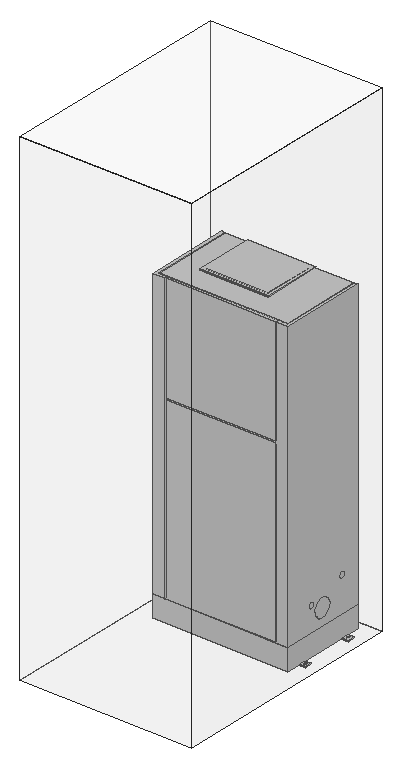
Revit family "pfav-p167_1600dmj1-f_50Hz", category 機械設備, Revit 2019
Family settings
  丸型コネクタ寸法 = 直径を使用
  パーツ タイプ = 標準
  OmniClass 番号 = 23.75.10.24.21.27.27
  OmniClass タイトル = Split System Air Conditioning Units
  作業面ベース = いいえ
  常に垂直 = はい
  ロード時にボイドで切り取り = いいえ
  共有 = いいえ
  部屋計算ポイント = いいえ
Parameters (values of type "PFAV-P167DMJ1-F")
  風量（m3／min） = 20
  風量 = MAX風量  # 1200.0 m³/h
  音響パワーレベル(dB) = 61
  電源種別 = ""
  電圧_電気ヒーター = 0 V
  電圧 = 200 V
  電動機出力_送風機 = 1200 W
  電動機出力_圧縮機 = 0 W
  運転質量 = 0.00 kg
  連動 = ""
  質量 = if(製品質量 > 運転質量, 製品質量, 運転質量) * 1.2  # 147.60 kg
  負荷分類 = 3_ファン類
  説明 = "設備用パッケージエアコン 空冷床置形・冷暖兼用 ファシレアＤＤオールフレッシュシリーズ"
  設計暖房能力 [instance] = 0 kW
  設計冷房能力_顕熱 [instance] = 0 kW
  設計冷房能力 [instance] = 0 kW
  設置方法 = "床置形"
  記号 [instance] = ""
  製造元 = "三菱電機株式会社"
  製品質量 = 123.00 kg
  製品出荷対象 = "国内"
  製品リリース年月 = "2017年4月18日"
  製品グループ = ""
  系統 [instance] = ""
  符号 = "PAC-FRV(J)"
  積算_科目 = "1 空気調和設備"
  積算_拾い区分 [instance] = ""
  相_電気ヒーター = 1
  相 = 3
  盤記号 [instance] = ""
  発停方法 = ""
  特殊仕様 [instance] = ""
  火災停止 = ""
  消費電力_電気ヒーター = 0 W
  消費電力_暖房 = 80 W
  消費電力_加湿器 = 0 W
  消費電力_冷房 = 80 W
  消費電力 = if(消費電力_冷房 > 消費電力_暖房, 消費電力_冷房, 消費電力_暖房) + 消費電力_加湿器 + 消費電力_電気ヒーター  # 80 W
  法定耐用年数 = "15"
  機械基礎質量 [instance] = 0.00 kg
  機械基礎_W = 0.00 mm
  機械基礎_H = 0.00 mm
  機械基礎_D = 0.00 mm
  機械基礎 [instance] = yes
  機外静圧 = 30.0 Pa
  極数 = 3
  材質 [instance] = ""
  本体マテリアル = none
  有効加湿量 = 0
  最小電線太さ_mm2 = 1.6
  最大電流値 = 5 A
  暖房能力 = 12.5 kW
  推奨ブレーカー容量 = 15 A
  形式_加湿器 = ""
  形式 = "床置（露出）立形"
  形名 = PFAV-P-DMJ-F : PFAV-P167DMJ1-F
  幹線記号 [instance] = ""
  始動方式 = "直入"
  呼称 = "パッケージ形空気調和機_室内機"
  周波数 = 50 Hz
  台数_手元リモコン [instance] = ""
  台数_冷媒分岐ユニット [instance] = ""
  参照している仕様書等のバージョン = "公共建築工事標準仕様書（機械設備工事編）平成31年度版"
  加湿給水管径 = 27.00 mm
  分類コード = "50053003083040"
  分類グループ = ""
  冷房能力 = 14 kW
  冷媒高低圧ガス管径 = 0.00 mm
  冷媒管径符号 = "Bd"
  冷媒管径 = 100.00 mm
  冷媒液管径 = 9.52 mm
  冷媒ガス管径 = 15.88 mm
  価格 = 0
  企業コード = "108420"
  付属品_フィルター = ""
  付属品 [instance] = ""
  仕様書バージョン = "Version1.0"
  モデル = "PFAV-P167DMJ1-F"
  ドレン管径 = 34.00 mm
  ダクト高_OA = 406 mm
  ダクト高 = 334 mm
  ダクト幅_OA = 668 mm
  ダクト幅 = 383 mm
  サービススペース = yes
  コメント [instance] = ""
  Keynote = ""
  Width = 760.00 mm
  Version = ""
  Uniclass2015Version = "Systems v1.9"
  Uniclass2015Title = "Split coil remote air cooled condensing units"
  Uniclass2015Code = "Pr_70_65_03_84"
  URL = "https://www.mitsubishielectric.co.jp/ldg/wink/ssl/displayProduct.do?pid=278596"
  S寸法 = 150.00 mm
  SpecificationReference = ""
  SpecificationDescription = ""
  Revision = ""
  ProductInformation = ""
  OmniClassCode = "23-33 17 13 11"
  OAダクト位置_縦 = 120.00 mm
  OAダクト位置_横 = 46.00 mm
  MAX風量 = 風量（m3／min） * 60.0 m³/h  # 1200.0 m³/h
  IfcTypeProduct = ""
  IfcProduct = ""
  IfcExportType = "AIRCONDITIONINGUNIT"
  IfcExportAs = "IfcUnitaryEquipmentType"
  Height = 1730.00 mm
  Depth = 485.00 mm
  Clearance Top = 1000.00 mm
  Clearance Right = 100.00 mm
  Clearance Left = 100.00 mm
  Clearance Front = 800.00 mm
  Clearance Back = 50.00 mm
  COP = 0
  Author = "三菱電機株式会社"
  APF = 4.7
Types (8, lengths in mm): name | 風量（m3／min） | 風量 | 音響パワーレベル(dB) | 電動機出力_送風機 | 質量 | 製品質量 | 消費電力_暖房 | 消費電力_冷房 | 消費電力 | 機外静圧 | 最小電線太さ_mm2 | 最大電流値 | 暖房能力 | 推奨ブレーカー容量 | 形名 | 冷房能力 | 冷媒管径符号 | 冷媒液管径 | 冷媒ガス管径 | モデル | ドレン管径 | ダクト高_OA | ダクト高 | ダクト幅_OA | ダクト幅 | Width | URL | OAダクト位置_縦 | OAダクト位置_横 | MAX風量 | Height | Depth | Clearance Left | Clearance Front | Clearance Back | APF
  PFAV-P167DMJ1-F | 20 | 1200.0 m³/h | 61 | 1200 W | 147.60 kg | 123.00 kg | 80 W | 80 W | 80 W | 30.0 Pa | 1.6 | 5 A | 12.5 kW | 15 A | PFAV-P-DMJ-F : PFAV-P167DMJ1-F | 14 kW | "Bd" | 9.52 | 15.88 | "PFAV-P167DMJ1-F" | 34.00 | 406 | 334 | 668 | 383 | 760.00 | "https://www.mitsubishielectric.co.jp/ldg/wink/ssl/displayProduct.do?pid=278596" | 120.00 | 46.00 | 1200.0 m³/h | 1730.00 | 485.00 | 100.00 | 800.00 | 50.00 | 4.7
  PFAV-P530DMJ1-F | 70 | 4200.0 m³/h | 76 | 3000 W | 248.40 kg | 207.00 kg | 680 W | 680 W | 680 W | 110.0 Pa | 1.6 | 8.8 A | 45 kW | 15 A | PFAV-P-DMJ-F : PFAV-P530DMJ1-F | 53 kW | "Ch" | 12.70 | 28.58 | "PFAV-P530DMJ1-F" | 34.00 | 605 | 489 | 1126 | 1046 | 1200.00 | "https://www.mitsubishielectric.co.jp/ldg/wink/ssl/displayProduct.do?pid=278599" | 553.00 | 37.00 | 4200.0 m³/h | 1897.00 | 635.00 | 100.00 | 800.00 | 50.00 | 5
  PFAV-P670DMJ1-F | 90 | 5400.0 m³/h | 75 | 3000 W | 248.40 kg | 207.00 kg | 1400 W | 1400 W | 1400 W | 110.0 Pa | 1.6 | 8.8 A | 63 kW | 15 A | PFAV-P-DMJ-F : PFAV-P670DMJ1-F | 63 kW | "Ei" | 19.05 | 31.75 | "PFAV-P670DMJ1-F" | 34.00 | 605 | 489 | 1126 | 1046 | 1200.00 | "https://www.mitsubishielectric.co.jp/ldg/wink/ssl/displayProduct.do?pid=278600" | 553.00 | 37.00 | 5400.0 m³/h | 1897.00 | 635.00 | 100.00 | 800.00 | 50.00 | 0
  PFAV-P265DMJ1-F | 35 | 2100.0 m³/h | 68 | 1200 W | 165.60 kg | 138.00 kg | 300 W | 300 W | 300 W | 50.0 Pa | 1.6 | 5.8 A | 20 kW | 15 A | PFAV-P-DMJ-F : PFAV-P265DMJ1-F | 22.4 kW | "Be" | 9.52 | 19.05 | "PFAV-P265DMJ1-F" | 34.00 | 407 | 334 | 888 | 715 | 980.00 | "https://www.mitsubishielectric.co.jp/ldg/wink/ssl/displayProduct.do?pid=278597" | 120.00 | 46.00 | 2100.0 m³/h | 1730.00 | 485.00 | 100.00 | 800.00 | 50.00 | 5.1
  PFAV-P335DMJ1-F | 65 | 3900.0 m³/h | 68 | 1200 W | 170.40 kg | 142.00 kg | 390 W | 390 W | 390 W | 80.0 Pa | 1.6 | 5.8 A | 26.5 kW | 15 A | PFAV-P-DMJ-F : PFAV-P335DMJ1-F | 28 kW | "Bf" | 9.52 | 22.20 | "PFAV-P335DMJ1-F" | 34.00 | 407 | 334 | 888 | 715 | 980.00 | "https://www.mitsubishielectric.co.jp/ldg/wink/ssl/displayProduct.do?pid=278598" | 120.00 | 46.00 | 3900.0 m³/h | 1730.00 | 485.00 | 100.00 | 800.00 | 50.00 | 5
  PFAV-P1000DMJ1-F | 120 | 7200.0 m³/h | 78 | 7500 W | 508.80 kg | 424.00 kg | 1290 W | 1290 W | 1290 W | 190.0 Pa | 2 | 19.3 A | 71 kW | 40 A | PFAV-P-DMJ-F : PFAV-P1000DMJ1-F | 80 kW | "Ei" | 19.10 | 31.80 | "PFAV-P1000DMJ1-F" | 42.70 | 1632 | 416 | 1547 | 554 | 1750.00 | "https://www.mitsubishielectric.co.jp/ldg/wink/ssl/displayProduct.do?pid=278601" | 161.00 | 177.00 | 7200.0 m³/h | 1830.00 | 1064.00 | 750.00 | 800.00 | 400.00 | 0
  PFAV-P1250DMJ1-F | 150 | 9000.0 m³/h | 77 | 7500 W | 529.20 kg | 441.00 kg | 1460 W | 1460 W | 1460 W | 245.0 Pa | 5.5 | 21 A | 90 kW | 40 A | PFAV-P-DMJ-F : PFAV-P1250DMJ1-F | 112 kW | "Ek" | 19.10 | 38.10 | "PFAV-P1250DMJ1-F" | 42.70 | 1632 | 416 | 1547 | 554 | 1750.00 | "https://www.mitsubishielectric.co.jp/ldg/wink/ssl/displayProduct.do?pid=278615" | 161.00 | 177.00 | 9000.0 m³/h | 1830.00 | 1064.00 | 750.00 | 800.00 | 400.00 | 0
  PFAV-P1600DMJ1-F | 200 | 12000.0 m³/h | 82 | 7500 W | 604.80 kg | 504.00 kg | 2010 W | 2010 W | 2010 W | 235.0 Pa | 5.5 | 21 A | 160 kW | 40 A | PFAV-P-DMJ-F : PFAV-P1600DMJ1-F | 140 kW | "Ek" | 19.10 | 38.10 | "PFAV-P1600DMJ1-F" | 42.70 | 1632 | 416 | 1842 | 554 | 2045.00 | "https://www.mitsubishielectric.co.jp/ldg/wink/ssl/displayProduct.do?pid=278591" | 161.00 | 177.00 | 12000.0 m³/h | 1830.00 | 1064.00 | 750.00 | 850.00 | 400.00 | 0
Reference planes
  plane 1: z = 0
  plane 2: z = 1730
  plane 3: z = 0
  plane 4: z = 2730
  plane 5 "中心(正面/背面)": y = -242.5
  plane 6 "中心(左/右)": x = 0
  plane 7 "左": x = -380
  plane 8 "右": x = 380
  plane 9 "正面": y = -485
  plane 10 "背面": y = 0
  plane 11: y = 150
  plane 12: x = -530
  plane 13: y = -635
  plane 14: y = 50
  plane 15: y = -1285
  plane 16: x = -480
  plane 17: x = 480
  plane 18: x = 530
Dimensions and locks
  "Height": plane 2 to plane 3
  "Clearance Top": plane 4 to plane 2
  equal spacing: plane 7 "左", plane 6 "中心(左/右)", plane 8 "右"
  "Width": plane 7 "左" to plane 8 "右"
  equal spacing: plane 9 "正面", plane 5 "中心(正面/背面)", plane 10 "背面"
  "Depth": plane 9 "正面" to plane 10 "背面"
  "S寸法": plane 10 "背面" to plane 11
  "S寸法": plane 13 to plane 9 "正面"
  "S寸法": plane 12 to plane 7 "左"
  "Clearance Left": plane 16 to plane 7 "左"
  "Clearance Right": plane 8 "右" to plane 17
  "Clearance Front": plane 15 to plane 9 "正面"
  "Clearance Back": plane 10 "背面" to plane 14
  "S寸法": plane 8 "右" to plane 18
  "機械基礎_H": plane 3 to level
  aligned and locked: level to plane 1
  aligned and locked: plane 17 to nested 1
  aligned and locked: plane 15 to nested 1
  aligned and locked: nested 1 to plane 16
  aligned and locked: nested 1 to plane 14
  aligned and locked: plane 4 to nested 1
  aligned and locked: plane 1 to nested 1
  aligned and locked: nested 2 to plane 10 "背面"
Nested families
  nested 1: "サービススペース(PFAV-P-DMJ-F)" at (0, -617.5, 1365), visible <- "サービススペース", type "サービススペース(PFAV-P-DMJ-F)"
    with Width 960.00 mm, Height 2730.00 mm, Depth 1335.00 mm
  nested 2: "PFAV-P-DMJ-F" at (0, -242.5, 0), type <- "形名", type "PFAV-P167DMJ1-F"
    with 表示 yes, マテリアル2 none, マテリアル1 none
Connectors
  hvac at (-27.5, -186, 1750), driven by "ダクト幅", driven by "ダクト高", driven by "機外静圧", driven by "風量"
    settings: on nested 2, index 1, duct flow 1200.0 m³/h, flow factor 0, pres drop 30.0 Pa, loss coef 0, conn angle 0.00°, conn width 334 mm, conn height 383 mm, conn diameter 609.6 mm, duct sys type 1, conn prof type 1, flow config 1, flow direction 2, loss method 4, conn ref index -1, conn util no, is conn primary yes, conn desc ""
  hvac at (0, 41, 323), driven by "ダクト幅_OA", driven by "ダクト高_OA", driven by "機外静圧", driven by "風量"
    settings: on nested 2, index 2, duct flow 1200.0 m³/h, flow factor 0, pres drop 30.0 Pa, loss coef 0, conn angle 0.00°, conn width 668 mm, conn height 406 mm, conn diameter 609.6 mm, duct sys type 2, conn prof type 1, flow config 1, flow direction 1, loss method 4, conn ref index -1, conn util no, is conn primary no, conn desc ""
  piping at (383, -249, 217), diameter 100, driven by "冷媒管径符号"
    settings: on nested 2, index 3, connector inside diameter 609.60 mm, connector length 0.00 mm, flow factor 0, pipe flow 0.0 L/s, pressure drop 0.0 Pa, fitting loss kfactor 0, connector angle 0.00°, fixture units 0, engagement length 0.00 mm, angle of deflection 0.00°, flow configuration 1, flow direction 1, fitting loss method 4, system type 7, joint type 0, gender type 0, connector reference index -1, connector utility 0, adjustable connector no, is connector primary yes, connector description "Bd"
  electrical at (383, -326, 262), driven by "極数", driven by "負荷分類", driven by "電圧", driven by "消費電力"
    settings: on nested 2, index 4, voltage 200 V, apparent load 80 VA, apparent load phase1 0 VA, apparent load phase2 0 VA, apparent load phase3 0 VA, power factor 1, load classification "3_ファン類", number of poles 3, system type 30, power factor state 1, is connector primary yes, connector utility no, sub classification motor no, connector description ""
  piping at (-381, -240, 54), diameter 34, driven by "ドレン管径"
    settings: on nested 2, index 5, connector inside diameter 609.60 mm, connector length 0.00 mm, flow factor 0, pipe flow 0.0 L/s, pressure drop 0.0 Pa, fitting loss kfactor 0, connector angle 0.00°, fixture units 0, engagement length 0.00 mm, angle of deflection 0.00°, flow configuration 1, flow direction 2, fitting loss method 4, system type 16, joint type 0, gender type 0, connector reference index -1, connector utility 0, adjustable connector no, is connector primary no, connector description ""
  piping at (180, 1, 54), diameter 34, driven by "ドレン管径"
    settings: on nested 2, index 6, connector inside diameter 609.60 mm, connector length 0.00 mm, flow factor 0, pipe flow 0.0 L/s, pressure drop 0.0 Pa, fitting loss kfactor 0, connector angle 0.00°, fixture units 0, engagement length 0.00 mm, angle of deflection 0.00°, flow configuration 1, flow direction 2, fitting loss method 4, system type 16, joint type 0, gender type 0, connector reference index -1, connector utility 0, adjustable connector no, is connector primary no, connector description ""
Definition of nested family "サービススペース(PFAV-P-DMJ-F)"
  Parameters (values of type "サービススペース")
    Width [instance] = 500.00 mm
    Height [instance] = 500.00 mm
    Depth [instance] = 500.00 mm
  Reference planes
    plane 1 "中心(正面/背面)": y = 0
    plane 2: z = 0
    plane 3 "中心(左/右)": x = 0
    plane 4: y = -250
    plane 5: x = 250
    plane 6: y = 250
    plane 7: x = -250
    plane 8: z = 250
    plane 9: z = -250
  Forms (mm)
    Extrusion 1, solid
      sketch origin (-638.939, 0, 72.39) x (1, 0, 0) y (0, 1, 0)
        loop
          line (388.939, 250) -> (388.939, -250) -> (888.939, -250) -> (888.939, 250) -> (388.939, 250)
      from -322.39 to 177.61
  Lines and regions (mm)
    symbolic lines
      curve 1: line (-250, 0, 250) -> (250, 0, 250)
      curve 2: line (-250, 0, -250) -> (-250, 0, 250)
      curve 3: line (250, 0, -250) -> (-250, 0, -250)
      curve 4: line (250, 0, 250) -> (250, 0, -250)
      curve 5: line (0, -250, 250) -> (0, 250, 250)
      curve 6: line (0, -250, -250) -> (0, -250, 250)
      curve 7: line (0, 250, -250) -> (0, -250, -250)
      curve 8: line (0, 250, 250) -> (0, 250, -250)
      curve 9: line (-250, 250, 0) -> (250, 250, 0)
      curve 10: line (-250, -250, 0) -> (-250, 250, 0)
      curve 11: line (250, -250, 0) -> (-250, -250, 0)
      curve 12: line (250, 250, 0) -> (250, -250, 0)
  Dimensions and locks
    equal spacing: plane 7, plane 3 "中心(左/右)", plane 5
    equal spacing: plane 4, plane 1 "中心(正面/背面)", plane 6
    "Depth": plane 4 to plane 6
    "Width": plane 7 to plane 5
    equal spacing: plane 8, plane 2, plane 9
    "Height": plane 8 to plane 9
    aligned and locked: plane 9 to curve 3
    aligned and locked: plane 7 to curve 2
    aligned and locked: curve 4 to plane 5
    aligned and locked: plane 5 to Extrusion 1
    aligned and locked: Extrusion 1 to plane 7
    aligned and locked: Extrusion 1 to plane 9
    aligned and locked: plane 8 to Extrusion 1
    aligned and locked: plane 9 to curve 7
  Automatic sketch dimensions
    plane 4 to Extrusion 1 sketch curve = 0.00 mm
    Extrusion 1 sketch curve to plane 7 = 0.00 mm
    Extrusion 1 sketch curve to plane 5 = 0.00 mm
    plane 6 to Extrusion 1 sketch curve = 0.00 mm
    curve 2 to plane 8 = 0.00 mm
    plane 4 to curve 11 = 0.00 mm
    curve 11 to plane 7 = 0.00 mm
    curve 11 to plane 5 = 0.00 mm
    plane 6 to curve 10 = 0.00 mm
    curve 7 to plane 4 = 0.00 mm
    curve 7 to plane 6 = 0.00 mm
    curve 6 to plane 8 = 0.00 mm
Definition of nested family "PFAV-P-DMJ-F"
  Parameters (values of type "PFAV-P1000DMJ1-F")
    液径 = 15.88 mm
    液-W = 0.00 mm
    液-H = 255.00 mm
    液-D = 408.00 mm
    吸込ダクト_P530_670 = no
    吸込ダクト_P265_335 = no
    吸込ダクト_P167 = no
    吸込ダクト_P1600 = no
    吸込ダクト_P1000_1250 = no
    ドレン② = yes
    ドレン① = no
    ①高 = 1830.00 mm
    電源径 = 27.00 mm
    電源-W = 0.00 mm
    電源-H = 249.00 mm
    電源-D = 475.00 mm
    表示 [instance] = yes
    ①幅 = 1750.00 mm
    ①奥行 = 1064.00 mm
    吊りボルト径 = 12.00 mm
    吊りボルト-W = 1806.00 mm
    吊りボルト-D = 931.00 mm
    吊りボルト-H = 0.00 mm
    加湿給水管径 = 27.00 mm
    加湿給水-W = 0.00 mm
    加湿給水-H = 260.00 mm
    加湿給水-D = 649.00 mm
    冷媒径 = 100.00 mm
    ガス径 = 28.58 mm
    ガス-W = 0.00 mm
    ガス-H = 215.00 mm
    ガス-D = 313.00 mm
    マテリアル2 [instance] = none
    マテリアル1 [instance] = none
    ドレン径 = 34.00 mm
    ドレン-W = 875.00 mm
    ドレン-H = 40.00 mm
    ドレン-D = 314.00 mm
    w = 554.00 mm
    h = 30.00 mm
    e = 600.00 mm
    c = 3.00 mm
    d = 416.00 mm
    b = 492.00 mm
    a = 395.00 mm
    OAダクト高さ = 1632.00 mm
    OAダクト幅 = 1547.00 mm
    OAダクト奥行 = -1.00 mm
    OAダクト位置_縦 = 161.00 mm
    OAダクト位置_横 = 177.00 mm
  Types (8, lengths in mm): name | 液径 | 液-H | 液-D | ドレン② | ドレン① | ①高 | 電源-H | 電源-D | ①幅 | ①奥行 | 吊りボルト-W | 吊りボルト-D | 加湿給水-H | 加湿給水-D | ガス径 | ガス-H | ガス-D | ドレン-W | ドレン-H | ドレン-D | w | h | c | d | b | a | OAダクト高さ | OAダクト幅 | OAダクト奥行 | OAダクト位置_縦 | OAダクト位置_横
    PFAV-P167DMJ1-F | 9.52 | 172.00 | 249.00 | no | yes | 1730.00 | 262.00 | 326.00 | 760.00 | 485.00 | 806.00 | 300.00 | 322.00 | 111.00 | 15.88 | 262.00 | 249.00 | 200.00 | 54.00 | 240.00 | 343.00 | 20.00 | 10.00 | 294.00 | 216.00 | 19.00 | 406.00 | 668.00 | -41.00 | 120.00 | 46.00
    PFAV-P265DMJ1-F | 9.52 | 172.00 | 249.00 | no | yes | 1730.00 | 262.00 | 326.00 | 980.00 | 485.00 | 1026.00 | 300.00 | 322.00 | 111.00 | 19.05 | 262.00 | 249.00 | 200.00 | 54.00 | 240.00 | 675.00 | 20.00 | 10.00 | 294.00 | 171.00 | 22.00 | 407.00 | 888.00 | -41.00 | 120.00 | 46.00
    PFAV-P335DMJ1-F | 9.52 | 172.00 | 249.00 | no | yes | 1730.00 | 262.00 | 326.00 | 980.00 | 485.00 | 1026.00 | 300.00 | 322.00 | 111.00 | 19.05 | 262.00 | 249.00 | 200.00 | 54.00 | 240.00 | 675.00 | 20.00 | 10.00 | 294.00 | 171.00 | 22.00 | 407.00 | 888.00 | -41.00 | 120.00 | 46.00
    PFAV-P530DMJ1-F | 12.70 | 203.00 | 254.00 | no | yes | 1897.00 | 249.00 | 475.00 | 1200.00 | 635.00 | 1246.00 | 440.00 | 249.00 | 321.00 | 28.58 | 209.00 | 128.00 | 200.00 | 64.00 | 314.00 | 1006.00 | 3.00 | 10.00 | 449.00 | 77.00 | 24.00 | 605.00 | 1126.00 | -39.00 | 553.00 | 37.00
    PFAV-P670DMJ1-F | 12.70 | 203.00 | 254.00 | no | yes | 1897.00 | 249.00 | 475.00 | 1200.00 | 635.00 | 1246.00 | 440.00 | 249.00 | 321.00 | 28.58 | 209.00 | 128.00 | 200.00 | 64.00 | 314.00 | 1006.00 | 3.00 | 10.00 | 449.00 | 77.00 | 24.00 | 605.00 | 1126.00 | -39.00 | 553.00 | 37.00
    PFAV-P1000DMJ1-F | 15.88 | 255.00 | 408.00 | yes | no | 1830.00 | 249.00 | 475.00 | 1750.00 | 1064.00 | 1806.00 | 931.00 | 260.00 | 649.00 | 28.58 | 215.00 | 313.00 | 875.00 | 40.00 | 314.00 | 554.00 | 30.00 | 3.00 | 416.00 | 492.00 | 395.00 | 1632.00 | 1547.00 | -1.00 | 161.00 | 177.00
    PFAV-P1250DMJ1-F | 19.05 | 255.00 | 408.00 | yes | no | 1830.00 | 249.00 | 475.00 | 1750.00 | 1064.00 | 1806.00 | 931.00 | 260.00 | 649.00 | 31.75 | 215.00 | 313.00 | 875.00 | 40.00 | 314.00 | 554.00 | 30.00 | 3.00 | 416.00 | 492.00 | 395.00 | 1632.00 | 1547.00 | -1.00 | 161.00 | 177.00
    PFAV-P1600DMJ1-F | 19.05 | 255.00 | 218.00 | yes | no | 1830.00 | 249.00 | 475.00 | 2045.00 | 1064.00 | 2101.00 | 931.00 | 260.00 | 649.00 | 38.10 | 245.00 | 123.00 | 1023.00 | 40.00 | 314.00 | 554.00 | 30.00 | 3.00 | 416.00 | 639.00 | 395.00 | 1632.00 | 1842.00 | -1.00 | 161.00 | 177.00
  Reference planes
    plane 1 "中心(正面/背面)": y = 0
    plane 2: z = 0
    plane 3 "中心(左/右)": x = 0
    plane 4: x = 875
    plane 5: x = -875
    plane 6 "5-20_back": y = 532
    plane 7: y = -532
    plane 8: z = 1860
    plane 9: z = 1230
    plane 10: z = 1830
    plane 11: z = 120
    plane 12: y = 465.5
    plane 13: y = -465.5
    plane 14: x = 903
    plane 15: x = -903
    plane 16: y = 137
    plane 17: y = -452
    plane 18: z = 40
    plane 19: z = 249
    plane 20: y = 124
    plane 21: z = 255
    plane 22: z = 215
    plane 23: z = 1858
    plane 24: y = 219
    plane 25: x = 855
    plane 26: x = -855
    plane 27: z = 1227
    plane 28: y = -512
    plane 29: x = -805
    plane 30: x = 805
    plane 31: y = -529
    plane 32: x = 915
    plane 33: x = -915
    plane 34: y = 485.5
    plane 35: y = 445.5
    plane 36: y = -445.5
    plane 37: y = -485.5
    plane 38: y = 117
    plane 39: z = 5
    plane 40: x = 383
    plane 41: x = 363
    plane 42: x = -191
    plane 43: x = -211
    plane 44: y = -319
    plane 45: y = -299
    plane 46: y = 218
    plane 47: y = 57
    plane 48: x = 878
    plane 49: y = 171.5
    plane 50: z = 235
    plane 51: y = -117
    plane 52: z = 260
    plane 53: x = -876
    plane 54: y = 533
    plane 55: x = 0
    plane 56: x = -698
    plane 57: x = 849
    plane 58: z = 161
    plane 59: z = 1793
  Forms (mm)
    Extrusion 1, solid, material <- "マテリアル1", visible <- "表示", detail levels fine
      sketch origin (0, 0, -400) x (1, 0, 0) y (0, 1, 0)
        loop
          line (805, -512) -> (-805, -512) -> (-805, -529) -> (805, -529) -> (805, -512)
      from 1630 to 2230
    Extrusion 2, solid, material <- "マテリアル1", visible <- "表示", detail levels fine
      sketch origin (0, 0, -800) x (1, 0, 0) y (0, 1, 0)
        loop
          line (-805, -529) -> (805, -529) -> (805, -512) -> (-805, -512) -> (-805, -529)
      from 920 to 2027
    Extrusion 3, solid, material <- "マテリアル2", visible <- "表示", detail levels fine
      sketch origin (0, 0, 0) x (1, 0, 0) y (0, 1, 0)
        loop
          line (875, 485.5) -> (875, 445.5) -> (915, 445.5) -> (915, 485.5) -> (875, 485.5)
        loop
          line (875, -445.5) -> (875, -485.5) -> (915, -485.5) -> (915, -445.5) -> (875, -445.5)
        loop
          line (-915, 485.5) -> (-915, 445.5) -> (-875, 445.5) -> (-875, 485.5) -> (-915, 485.5)
        loop
          line (-915, -445.5) -> (-915, -485.5) -> (-875, -485.5) -> (-875, -445.5) -> (-915, -445.5)
        loop
          circle (-903, 465.5) r 6
        loop
          circle (903, 465.5) r 6
        loop
          circle (903, -465.5) r 6
        loop
          circle (-903, -465.5) r 6
      from 0 to 5
    Extrusion 4, solid, material <- "マテリアル2", visible <- "表示", detail levels fine
      sketch origin (0, -1140, 0) x (0, -1, 0) y (1, 0, 0)
        loop
          line (-1257, 363) -> (-1257, -191) -> (-841, -191) -> (-841, 363) -> (-1257, 363)
      from 1830 to 1858
    Extrusion 5, solid, material <- "マテリアル2", visible <- "表示", detail levels fine
      sketch origin (0, -1140, -430) x (0, -1, 0) y (1, 0, 0)
        loop
          line (-1277, 383) -> (-1277, -211) -> (-821, -211) -> (-821, 383) -> (-1277, 383)
      from 2288 to 2290
    Extrusion 6, solid, material <- "マテリアル1", visible <- "表示", detail levels fine
      sketch origin (-1437.329, -1524, 1860) x (-1, 0, 0) y (0, -1, 0)
        loop
          line (-562.329, -2056) -> (-562.329, -992) -> (-632.329, -992) -> (-632.329, -1012) -> (-582.329, -1012) -> (-582.329, -2056) -> (-562.329, -2056)
        loop
          line (-2292.329, -2056) -> (-2292.329, -1012) -> (-2242.329, -1012) -> (-2242.329, -992) -> (-2312.329, -992) -> (-2312.329, -2056) -> (-2292.329, -2056)
      from -1740 to -30
    Extrusion 7, solid, material <- "マテリアル1", visible <- "表示", detail levels fine
      sketch origin (-1437.329, -1524, 1860) x (-1, 0, 0) y (0, -1, 0)
        loop
          line (-2292.329, -2056) -> (-582.329, -2056) -> (-582.329, -1012) -> (-2292.329, -1012) -> (-2292.329, -2056)
      from -1740 to -30
    Extrusion 8, solid, material <- "マテリアル2", visible <- "表示", detail levels fine
      sketch origin (-1437.329, -1524, 1860) x (-1, 0, 0) y (0, -1, 0)
        loop
          line (-562.329, -2056) -> (-562.329, -992) -> (-2312.329, -992) -> (-2312.329, -2056) -> (-562.329, -2056)
      from -1860 to -1740
    Extrusion 9, solid, material <- "マテリアル2", visible <- "表示", detail levels fine
      sketch origin (875, 1296.25, 1200) x (0, 1, 0) y (0, 0, 1)
        loop
          circle (-1239.25, -951) r 13.5
        loop
          circle (-1413.25, -940) r 13.5
      from 0 to 3
    Extrusion 10, solid, material <- "マテリアル1", visible <- "表示", detail levels fine
      sketch origin (875, 1296.25, 1200) x (0, 1, 0) y (0, 0, 1)
        loop
          circle (-1124.75, -965) r 50
      from 0 to 3
    Extrusion 11, solid, material <- "マテリアル1", visible <- "ドレン①", detail levels fine
      sketch origin (-875, 1296.25, 1200) x (0, 1, 0) y (0, 0, 1)
        loop
          circle (-1078.25, -1160) r 17
      from -1 to 0
    Extrusion 12, solid, material <- "マテリアル1", visible <- "ドレン②", detail levels fine
      sketch origin (1480.036, -529, 2000) x (1, 0, 0) y (0, 0, 1)
        loop
          circle (-1480.036, -1960) r 17
      from -1062 to -1061
    Extrusion 13, solid, detail levels fine
      sketch origin (0, 532, 0) x (1, 0, 0) y (0, 0, 1)
        loop
          line (849, 1793) -> (-698, 1793) -> (-698, 161) -> (849, 161) -> (849, 1793)
      from 0 to -1 <- "OAダクト奥行"
  Lines and regions (mm)
    Masking region 1, visible <- "表示", detail levels coarse+medium
      outline origin (0, 0, 0) x (1, 0, 0) y (0, 1, 0)
        loop
          line (-875, 532) -> (-875, -532) -> (875, -532) -> (875, 532) -> (-875, 532)
    symbolic lines, visible <- "表示"
      curve 1: line (-875, 532, 1860) -> (-875, -532, 1860)
      curve 2: line (-875, -532, 1860) -> (875, -532, 1860)
      curve 3: line (875, -532, 1860) -> (875, 532, 1860)
      curve 4: line (875, 532, 1860) -> (-875, 532, 1860)
      curve 5: line (-211, 137, 1860) -> (-211, -319, 1860)
      curve 6: line (-211, -319, 1860) -> (383, -319, 1860)
      curve 7: line (383, -319, 1860) -> (383, 137, 1860)
      curve 8: line (383, 137, 1860) -> (-211, 137, 1860)
  Dimensions and locks
    equal spacing: plane 7, plane 1 "中心(正面/背面)", plane 6 "5-20_back"
    "①奥行": plane 7 to plane 6 "5-20_back"
    equal spacing: plane 5, plane 3 "中心(左/右)", plane 4
    "①幅": plane 5 to plane 4
    locked: plane 11 to level at 120
    equal spacing: plane 13, plane 1 "中心(正面/背面)", plane 12
    "吊りボルト-D": plane 13 to plane 12
    equal spacing: plane 15, plane 3 "中心(左/右)", plane 14
    "吊りボルト-W": plane 15 to plane 14
    "a": plane 16 to plane 6 "5-20_back"
    locked: plane 7 to plane 17 at 80
    "ドレン-H": plane 18 to level
    "電源-H": plane 19 to level
    "液-H": plane 21 to level
    "e": plane 10 to plane 9
    "ガス-H": plane 22 to level
    "h": plane 8 to plane 10
    locked: plane 8 to plane 23 at 2
    locked: plane 5 to plane 26 at 20
    locked: plane 25 to plane 4 at 20
    "c": plane 9 to plane 27
    locked: plane 7 to plane 28 at 20
    locked: plane 26 to plane 29 at 50
    locked: plane 30 to plane 25 at 50
    locked: plane 7 to plane 31 at 3
    locked: plane 33 to plane 5 at 40
    locked: plane 4 to plane 32 at 40
    plane 37 to plane 13 to plane 36 = 20.00 mm locked, 20.00 mm locked
    plane 35 to plane 12 to plane 34 = 20.00 mm locked, 20.00 mm locked
    locked: plane 38 to plane 16 at 20
    locked: plane 39 to level at 5
    "b": plane 40 to plane 4
    locked: plane 43 to plane 42 at 20
    locked: plane 41 to plane 40 at 20
    "w": plane 42 to plane 41
    locked: plane 44 to plane 45 at 20
    "d": plane 45 to plane 38
    "①高": plane 10 to level
    "液-D": plane 20 to plane 6 "5-20_back"
    "ガス-D": plane 24 to plane 6 "5-20_back"
    "ドレン-D": plane 46 to plane 6 "5-20_back"
    "電源-D": plane 47 to plane 6 "5-20_back"
    locked: plane 4 to plane 48 at 3
    equal spacing: plane 20, plane 49, plane 24
    equal spacing: plane 21, plane 50, plane 22
    "加湿給水-D": plane 51 to plane 6 "5-20_back"
    "加湿給水-H": plane 52 to level
    locked: plane 53 to plane 5 at 1
    locked: plane 6 "5-20_back" to plane 54 at 1
    "ドレン-W": plane 55 to plane 4
    "OAダクト幅": plane 57 to plane 56
    "OAダクト位置_縦": level to plane 58
    "OAダクト高さ": plane 58 to plane 59
    "OAダクト位置_横": plane 56 to plane 5
    "吊りボルト径": diameter of Extrusion 3 sketch curve  (x4)
    "電源径": diameter of Extrusion 9 sketch curve
    "冷媒径": diameter of Extrusion 10 sketch curve
    "加湿給水管径": diameter of Extrusion 9 sketch curve
    "ドレン径": diameter of Extrusion 11 sketch curve
    "ドレン径": diameter of Extrusion 12 sketch curve
    aligned and locked: level to plane 2
    aligned and locked: plane 13 to nested 1
    aligned and locked: plane 14 to nested 1
    aligned and locked: plane 15 to nested 1
    aligned and locked: nested 1 to plane 12
    aligned and locked: Extrusion 2 to plane 11
    aligned and locked: Extrusion 1 to plane 9
    aligned and locked: Extrusion 5 to plane 23
    aligned and locked: plane 8 to Extrusion 5
    aligned and locked: Extrusion 6 to plane 11
    aligned and locked: Extrusion 4 to Extrusion 5
    aligned and locked: Extrusion 4 to plane 10
    aligned and locked: plane 10 to Extrusion 6
    aligned and locked: plane 10 to Extrusion 1
    aligned and locked: plane 27 to Extrusion 2
    aligned and locked: Extrusion 2 sketch curve to plane 28
    aligned and locked: Extrusion 6 sketch curve to plane 7  (x2)
    aligned and locked: Extrusion 6 sketch curve to plane 29
    aligned and locked: Extrusion 6 sketch curve to plane 30
    aligned and locked: Extrusion 6 sketch curve to plane 25
    aligned and locked: plane 28 to Extrusion 6 sketch curve  (x2)
    aligned and locked: Extrusion 2 sketch curve to plane 29
    aligned and locked: Extrusion 2 sketch curve to plane 30
    aligned and locked: plane 31 to Extrusion 2 sketch curve
    aligned and locked: Extrusion 1 sketch curve to plane 30
    aligned and locked: Extrusion 1 sketch curve to plane 29
    aligned and locked: Extrusion 1 sketch curve to plane 28
    aligned and locked: Extrusion 1 sketch curve to plane 31
    aligned and locked: Extrusion 7 sketch curve to plane 6 "5-20_back"
    aligned and locked: Extrusion 7 sketch curve to plane 26
    aligned and locked: Extrusion 7 sketch curve to plane 28
    aligned and locked: Extrusion 7 sketch curve to plane 25
    aligned and locked: plane 10 to Extrusion 7
    aligned and locked: Extrusion 7 to plane 11
    aligned and locked: plane 34 to Extrusion 3 sketch curve  (x2)
    aligned and locked: plane 4 to Extrusion 3 sketch curve  (x2)
    aligned and locked: Extrusion 3 sketch curve to plane 35  (x2)
    aligned and locked: Extrusion 3 sketch curve to plane 32  (x2)
    aligned and locked: plane 36 to Extrusion 3 sketch curve  (x2)
    aligned and locked: Extrusion 3 sketch curve to plane 37  (x2)
    aligned and locked: plane 33 to Extrusion 3 sketch curve  (x2)
    aligned and locked: Extrusion 3 sketch curve to plane 5  (x2)
    aligned and locked: plane 12 to Extrusion 3 sketch curve  (x2)
    aligned and locked: plane 15 to Extrusion 3 sketch curve  (x2)
    aligned and locked: plane 13 to Extrusion 3 sketch curve  (x2)
    aligned and locked: plane 14 to Extrusion 3 sketch curve  (x2)
    aligned and locked: Extrusion 3 to level
    aligned and locked: plane 39 to Extrusion 3
    aligned and locked: Extrusion 8 sketch curve to Extrusion 6
    aligned and locked: Extrusion 8 sketch curve to Extrusion 7
    aligned and locked: Extrusion 8 to level
    aligned and locked: plane 11 to Extrusion 8
    aligned and locked: Extrusion 4 sketch curve to plane 38
    aligned and locked: Extrusion 4 sketch curve to plane 45
    aligned and locked: Extrusion 4 sketch curve to plane 41
    aligned and locked: Extrusion 4 sketch curve to plane 42
    aligned and locked: Extrusion 5 sketch curve to plane 40
    aligned and locked: Extrusion 5 sketch curve to plane 16
    aligned and locked: Extrusion 5 sketch curve to plane 44
    aligned and locked: Extrusion 5 sketch curve to plane 43
    aligned and locked: Masking region 1 sketch curve to Extrusion 8
    aligned and locked: Masking region 1 sketch curve to Extrusion 6
    aligned and locked: Masking region 1 sketch curve to plane 7
    aligned and locked: Masking region 1 sketch curve to plane 4
    aligned and locked: curve 1 to Masking region 1
    aligned and locked: curve 3 to Masking region 1
    aligned and locked: curve 4 to Masking region 1
    aligned and locked: curve 5 to Extrusion 5
    aligned and locked: curve 6 to Extrusion 5
    aligned and locked: curve 7 to Extrusion 5
    aligned and locked: curve 8 to Extrusion 5
    aligned and locked: plane 47 to Extrusion 9 sketch curve
    aligned and locked: plane 19 to Extrusion 9 sketch curve
    aligned and locked: Extrusion 9 to plane 4
    aligned and locked: plane 48 to Extrusion 9
    aligned and locked: plane 49 to Extrusion 10 sketch curve
    aligned and locked: plane 50 to Extrusion 10 sketch curve
    aligned and locked: Extrusion 10 to plane 4
    aligned and locked: plane 48 to Extrusion 10
    aligned and locked: plane 52 to Extrusion 9 sketch curve
    aligned and locked: plane 51 to Extrusion 9 sketch curve
    aligned and locked: plane 5 to Extrusion 6 sketch curve
    aligned and locked: plane 4 to Extrusion 6 sketch curve
    aligned and locked: Extrusion 8 sketch curve to plane 7
    aligned and locked: plane 4 to Extrusion 8 sketch curve
    aligned and locked: plane 46 to Extrusion 11 sketch curve
    aligned and locked: plane 18 to Extrusion 11 sketch curve
    aligned and locked: Extrusion 11 to plane 53
    aligned and locked: plane 5 to Extrusion 11
    aligned and locked: plane 18 to Extrusion 12 sketch curve
    aligned and locked: plane 55 to Extrusion 12 sketch curve
    aligned and locked: Extrusion 12 to plane 54
    aligned and locked: plane 6 "5-20_back" to Extrusion 12
    aligned and locked: plane 59 to Extrusion 13
    aligned and locked: Extrusion 13 to plane 58
    aligned and locked: Extrusion 13 to plane 56
    aligned and locked: plane 57 to Extrusion 13
  Automatic sketch dimensions
    Extrusion 6 sketch curve to plane 26 = 0.00 mm
    plane 6 "5-20_back" to Extrusion 6 sketch curve = 0.00 mm  (x2)
    plane 28 to Extrusion 2 sketch curve = 0.00 mm
    plane 7 to curve 2 = 0.00 mm
    Extrusion 13 sketch curve to plane 42 = 507.00 mm
    plane 40 to Extrusion 13 sketch curve = 466.00 mm
    level to Extrusion 13 sketch curve = 161.00 mm
    Extrusion 13 sketch curve to Extrusion 13 sketch curve = 1632.00 mm
  Nested families
    nested 1: "固定点" at (-903, -465.5, 0), visible <- "表示", type "固定点", detail levels fine
      with W 1806.00 mm, D 931.00 mm, 中心円 12.00 mm
  Definition of nested family "固定点"
    Parameters (values of type "固定点")
      中心円 = 20.00 mm
      W [instance] = 1000.00 mm
      D [instance] = 1000.00 mm
    Reference planes
      plane 1 "中心(正面/背面)": y = 0
      plane 2: z = 0
      plane 3 "中心(左/右)": x = 0
      plane 4: x = 1000
      plane 5: y = 1000
    Lines and regions (mm)
      symbolic lines, detail levels fine
        curve 1: circle (0, 1000, 0) r 10 normal (0, 0, 1)
        curve 2: circle (0, 0, 0) r 10 normal (0, 0, 1)
        curve 3: circle (1000, 1000, 0) r 10 normal (0, 0, 1)
        curve 4: circle (1000, 0, 0) r 10 normal (0, 0, 1)
        curve 5: line (-200, 1000, 0) -> (1200, 1000, 0)
        curve 6: line (-200, 0, 0) -> (1200, 0, 0)
        curve 7: line (0, 1200, 0) -> (0, -200, 0)
        curve 8: line (1000, 1200, 0) -> (1000, -200, 0)
    Dimensions and locks
      "W": plane 3 "中心(左/右)" to plane 4
      "D": plane 1 "中心(正面/背面)" to plane 5
      "中心円": diameter of curve 1
      "中心円": diameter of curve 2
      "中心円": diameter of curve 3
      "中心円": diameter of curve 4
      aligned and locked: level to plane 2
      aligned and locked: plane 5 to curve 1
      aligned and locked: plane 3 "中心(左/右)" to curve 1
      aligned and locked: plane 3 "中心(左/右)" to curve 2
      aligned and locked: plane 1 "中心(正面/背面)" to curve 2
      aligned and locked: plane 4 to curve 3
      aligned and locked: plane 5 to curve 3
      aligned and locked: plane 1 "中心(正面/背面)" to curve 4
      aligned and locked: plane 4 to curve 4
      aligned and locked: plane 1 "中心(正面/背面)" to curve 6
      aligned and locked: curve 7 to plane 3 "中心(左/右)"
      aligned and locked: curve 8 to plane 4
    Automatic sketch dimensions
      curve 5 to plane 5 = 0.00 mm
      curve 6 to plane 3 "中心(左/右)" = 200.00 mm
      curve 5 to plane 3 "中心(左/右)" = 200.00 mm
      curve 4 to curve 6 = 200.00 mm
      curve 3 to curve 5 = 200.00 mm
      plane 1 "中心(正面/背面)" to curve 8 = 200.00 mm
      plane 1 "中心(正面/背面)" to curve 7 = 200.00 mm
      curve 3 to curve 8 = 200.00 mm
      curve 1 to curve 7 = 200.00 mm
